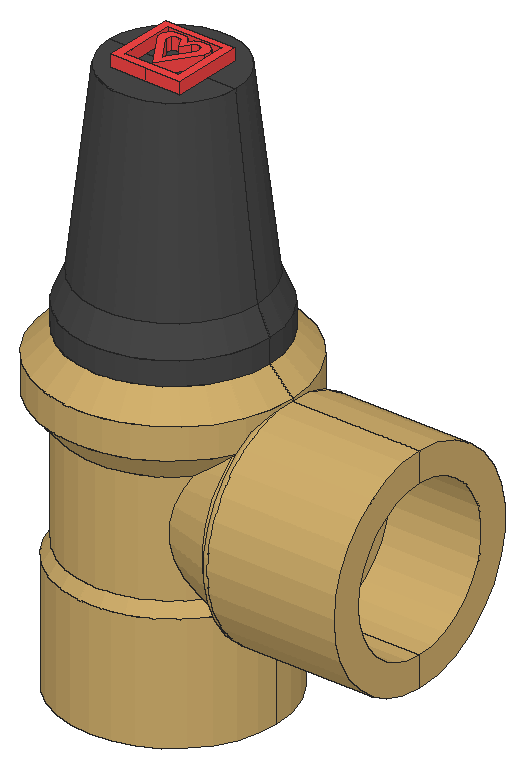
Revit family "Предохранительный клапан с диафрагмой 26xx", category Rohrzubehör, Revit 2021
Family settings
  Bemaßung runder Anschluss = Durchmesser verwenden
  Teiletyp = Normal
  OmniClass-Nummer = 23.65.55.14
  OmniClass-Titel = Valves for Liquid Services
  Arbeitsebenenbasiert = Nein
  Immer vertikal = Ja
  Beim Laden mit Abzugskörper schneiden = Nein
  Gemeinsam genutzt = Nein
Parameters (values of type "PN8")
  Номер заказа [instance] = if(PN1.8, size_lookup("26XX_PN1.8", "Artnr", 0, Nennweite), if(PN2.5, size_lookup("26XX_PN2.5", "Artnr", 0, Nennweite), if(PN3, size_lookup("26XX_PN3", "Artnr", 0, Nennweite), if(PN4, size_lookup("26XX_PN4", "Artnr", 0, Nennweite), if(PN5, size_lookup("26XX_PN5", "Artnr", 0, Nennweite), if(PN6, size_lookup("26XX_PN6", "Artnr", 0, Nennweite), if(PN8, size_lookup("26XX_PN8", "Artnr", 0, Nennweite), size_lookup("26XX_PN10", "Artnr", 0, Nennweite))))))))  # 1268501
  Мин. рабочая температура = 0 °C  # constant formula
  Макс. рабочая температура = 110 °C  # constant formula
  Внутренняя резьба = "в соответствии с ISO 228-1"  # constant formula
  WS01 = 70.00°  # constant formula
  Vorgabe-Ansicht = 0.0000 mm
  URL = "www.herz-armaturen.ru"
  Табличка = "пластик PA6"  # constant formula
  SCRNSEQ = "AWI;AWI_TYP=\"1015\";2"
  SCRNCODE = "05;21;02"  # constant formula
  S03 = 10.5000 mm  # constant formula
  S02 [instance] = H02 + H05  # 47.5000 mm
  S01 = 8.0000 mm  # constant formula
  R11 = 1.0000 mm  # constant formula
  R10 [instance] = (Nennweite Aus / 2) + 3.8000 mm  # 13.8000 mm
  R09 [instance] = Nennweite Aus / 2  # 10.0000 mm
  R08 [instance] = (Nennweite / 2) + 3.5000 mm  # 11.0000 mm
  R07 [instance] = R08 - 2.8000 mm  # 8.2000 mm
  R06 [instance] = Nennweite / 2  # 7.5000 mm
  R05 [instance] = Nennweite / 2  # 7.5000 mm
  R04 [instance] = if(PN1.8, size_lookup("26XX_PN1.8", "SW", 40.0000 mm, Nennweite), if(PN2.5, size_lookup("26XX_PN2.5", "SW", 40.0000 mm, Nennweite), if(PN3, size_lookup("26XX_PN3", "SW", 40.0000 mm, Nennweite), if(PN4, size_lookup("26XX_PN4", "SW", 40.0000 mm, Nennweite), if(PN5, size_lookup("26XX_PN5", "SW", 40.0000 mm, Nennweite), if(PN6, size_lookup("26XX_PN6", "SW", 40.0000 mm, Nennweite), if(PN8, size_lookup("26XX_PN8", "SW", 40.0000 mm, Nennweite), size_lookup("26XX_PN10", "SW", 269501.0000 mm, Nennweite))))))))  # 13.5000 mm
  R03 [instance] = (Nennweite / 2) + 5.0000 mm  # 12.5000 mm
  R02 [instance] = R04 + 2.0000 mm  # 15.5000 mm
  PN8 = yes
  PN6 = no
  PN5 = no
  PN4 = no
  PN3 = no
  PN2.5 = no
  PN10 = no
  PN1.8 = no
  Nennweite Aus [instance] = if(PN1.8, size_lookup("26XX_PN1.8", "DN1", 40.0000 mm, Nennweite), if(PN2.5, size_lookup("26XX_PN2.5", "DN1", 40.0000 mm, Nennweite), if(PN3, size_lookup("26XX_PN3", "DN1", 40.0000 mm, Nennweite), if(PN4, size_lookup("26XX_PN4", "DN1", 40.0000 mm, Nennweite), if(PN5, size_lookup("26XX_PN5", "DN1", 40.0000 mm, Nennweite), if(PN6, size_lookup("26XX_PN6", "DN1", 40.0000 mm, Nennweite), if(PN8, size_lookup("26XX_PN8", "DN1", 40.0000 mm, Nennweite), size_lookup("26XX_PN10", "DN1", 269501.0000 mm, Nennweite))))))))  # 20.0000 mm
  Nennweite [instance] = 15.0000 mm
  Диафрагма = "VMQ-Silicom 50 Sha"  # constant formula
  L02 [instance] = if(PN1.8, size_lookup("26XX_PN1.8", "L2", 17.5000 mm, Nennweite), if(PN2.5, size_lookup("26XX_PN2.5", "L2", 17.5000 mm, Nennweite), if(PN3, size_lookup("26XX_PN3", "L2", 17.5000 mm, Nennweite), if(PN4, size_lookup("26XX_PN4", "L2", 17.5000 mm, Nennweite), if(PN5, size_lookup("26XX_PN5", "L2", 17.5000 mm, Nennweite), if(PN6, size_lookup("26XX_PN6", "L2", 17.5000 mm, Nennweite), if(PN8, size_lookup("26XX_PN8", "L2", 17.5000 mm, Nennweite), size_lookup("26XX_PN10", "L2", 269501.0000 mm, Nennweite))))))))  # 17.5000 mm
  L01 [instance] = if(PN1.8, size_lookup("26XX_PN1.8", "L1", 12.0000 mm, Nennweite), if(PN2.5, size_lookup("26XX_PN2.5", "L1", 12.0000 mm, Nennweite), if(PN3, size_lookup("26XX_PN3", "L1", 12.0000 mm, Nennweite), if(PN4, size_lookup("26XX_PN4", "L1", 12.0000 mm, Nennweite), if(PN5, size_lookup("26XX_PN5", "L1", 12.0000 mm, Nennweite), if(PN6, size_lookup("26XX_PN6", "L1", 12.0000 mm, Nennweite), if(PN8, size_lookup("26XX_PN8", "L1", 12.0000 mm, Nennweite), size_lookup("26XX_PN10", "L1", 269501.0000 mm, Nennweite))))))))  # 12.0000 mm
  L00 [instance] = if(PN1.8, size_lookup("26XX_PN1.8", "L", 52.0000 mm, Nennweite), if(PN2.5, size_lookup("26XX_PN2.5", "L", 52.0000 mm, Nennweite), if(PN3, size_lookup("26XX_PN3", "L", 52.0000 mm, Nennweite), if(PN4, size_lookup("26XX_PN4", "L", 52.0000 mm, Nennweite), if(PN5, size_lookup("26XX_PN5", "L", 52.0000 mm, Nennweite), if(PN6, size_lookup("26XX_PN6", "L", 52.0000 mm, Nennweite), if(PN8, size_lookup("26XX_PN8", "L", 52.0000 mm, Nennweite), size_lookup("26XX_PN10", "L", 269501.0000 mm, Nennweite))))))))  # 32.0000 mm
  Маховик = "пластик PA6"  # constant formula
  Kappe [instance] = Kunststoff schwarz
  H08 [instance] = if(PN1.8, size_lookup("26XX_PN1.8", "H8", 21.0000 mm, Nennweite), if(PN2.5, size_lookup("26XX_PN2.5", "H8", 21.0000 mm, Nennweite), if(PN3, size_lookup("26XX_PN3", "H8", 21.0000 mm, Nennweite), if(PN4, size_lookup("26XX_PN4", "H8", 21.0000 mm, Nennweite), if(PN5, size_lookup("26XX_PN5", "H8", 21.0000 mm, Nennweite), if(PN6, size_lookup("26XX_PN6", "H8", 21.0000 mm, Nennweite), if(PN8, size_lookup("26XX_PN8", "H8", 21.0000 mm, Nennweite), size_lookup("26XX_PN10", "H8", 269501.0000 mm, Nennweite))))))))  # 6.5000 mm
  H07 [instance] = if(PN1.8, size_lookup("26XX_PN1.8", "H7", 3.0000 mm, Nennweite), if(PN2.5, size_lookup("26XX_PN2.5", "H7", 3.0000 mm, Nennweite), if(PN3, size_lookup("26XX_PN3", "H7", 3.0000 mm, Nennweite), if(PN4, size_lookup("26XX_PN4", "H7", 3.0000 mm, Nennweite), if(PN5, size_lookup("26XX_PN5", "H7", 3.0000 mm, Nennweite), if(PN6, size_lookup("26XX_PN6", "H7", 3.0000 mm, Nennweite), if(PN8, size_lookup("26XX_PN8", "H7", 3.0000 mm, Nennweite), size_lookup("26XX_PN10", "H7", 269501.0000 mm, Nennweite))))))))  # 3.0000 mm
  H06 [instance] = if(PN1.8, size_lookup("26XX_PN1.8", "H6", 15.0000 mm, Nennweite), if(PN2.5, size_lookup("26XX_PN2.5", "H6", 15.0000 mm, Nennweite), if(PN3, size_lookup("26XX_PN3", "H6", 15.0000 mm, Nennweite), if(PN4, size_lookup("26XX_PN4", "H6", 15.0000 mm, Nennweite), if(PN5, size_lookup("26XX_PN5", "H6", 15.0000 mm, Nennweite), if(PN6, size_lookup("26XX_PN6", "H6", 15.0000 mm, Nennweite), if(PN8, size_lookup("26XX_PN8", "H6", 15.0000 mm, Nennweite), size_lookup("26XX_PN10", "H6", 269501.0000 mm, Nennweite))))))))  # 15.0000 mm
  H05 [instance] = if(PN1.8, size_lookup("26XX_PN1.8", "H5", 30.0000 mm, Nennweite), if(PN2.5, size_lookup("26XX_PN2.5", "H5", 30.0000 mm, Nennweite), if(PN3, size_lookup("26XX_PN3", "H5", 30.0000 mm, Nennweite), if(PN4, size_lookup("26XX_PN4", "H5", 30.0000 mm, Nennweite), if(PN5, size_lookup("26XX_PN5", "H5", 30.0000 mm, Nennweite), if(PN6, size_lookup("26XX_PN6", "H5", 30.0000 mm, Nennweite), if(PN8, size_lookup("26XX_PN8", "H5", 30.0000 mm, Nennweite), size_lookup("26XX_PN10", "H5", 269501.0000 mm, Nennweite))))))))  # 30.5000 mm
  H04 [instance] = if(PN1.8, size_lookup("26XX_PN1.8", "H4", 12.0000 mm, Nennweite), if(PN2.5, size_lookup("26XX_PN2.5", "H4", 12.0000 mm, Nennweite), if(PN3, size_lookup("26XX_PN3", "H4", 12.0000 mm, Nennweite), if(PN4, size_lookup("26XX_PN4", "H4", 12.0000 mm, Nennweite), if(PN5, size_lookup("26XX_PN5", "H4", 12.0000 mm, Nennweite), if(PN6, size_lookup("26XX_PN6", "H4", 12.0000 mm, Nennweite), if(PN8, size_lookup("26XX_PN8", "H4", 12.0000 mm, Nennweite), size_lookup("26XX_PN10", "H4", 269501.0000 mm, Nennweite))))))))  # 12.0000 mm
  H00 [instance] = if(PN1.8, size_lookup("26XX_PN1.8", "H", 72.0000 mm, Nennweite), if(PN2.5, size_lookup("26XX_PN2.5", "H", 72.0000 mm, Nennweite), if(PN3, size_lookup("26XX_PN3", "H", 72.0000 mm, Nennweite), if(PN4, size_lookup("26XX_PN4", "H", 72.0000 mm, Nennweite), if(PN5, size_lookup("26XX_PN5", "H", 72.0000 mm, Nennweite), if(PN6, size_lookup("26XX_PN6", "H", 72.0000 mm, Nennweite), if(PN8, size_lookup("26XX_PN8", "H", 72.0000 mm, Nennweite), size_lookup("26XX_PN10", "H", 269501.0000 mm, Nennweite))))))))  # 72.0000 mm
  H03 [instance] = if(PN1.8, size_lookup("26XX_PN1.8", "H3", 4.0000 mm, Nennweite), if(PN2.5, size_lookup("26XX_PN2.5", "H3", 4.0000 mm, Nennweite), if(PN3, size_lookup("26XX_PN3", "H3", 4.0000 mm, Nennweite), if(PN4, size_lookup("26XX_PN4", "H3", 4.0000 mm, Nennweite), if(PN5, size_lookup("26XX_PN5", "H3", 4.0000 mm, Nennweite), if(PN6, size_lookup("26XX_PN6", "H3", 4.0000 mm, Nennweite), if(PN8, size_lookup("26XX_PN8", "H3", 4.0000 mm, Nennweite), size_lookup("26XX_PN10", "H3", 269501.0000 mm, Nennweite))))))))  # 4.0000 mm
  H02 [instance] = H00 - (H01 + H05)  # 17.0000 mm
  H01 [instance] = if(PN1.8, size_lookup("26XX_PN1.8", "H1", 30.0000 mm, Nennweite), if(PN2.5, size_lookup("26XX_PN2.5", "H1", 30.0000 mm, Nennweite), if(PN3, size_lookup("26XX_PN3", "H1", 30.0000 mm, Nennweite), if(PN4, size_lookup("26XX_PN4", "H1", 30.0000 mm, Nennweite), if(PN5, size_lookup("26XX_PN5", "H1", 30.0000 mm, Nennweite), if(PN6, size_lookup("26XX_PN6", "H1", 30.0000 mm, Nennweite), if(PN8, size_lookup("26XX_PN8", "H1", 30.0000 mm, Nennweite), size_lookup("26XX_PN10", "H1", 269501.0000 mm, Nennweite))))))))  # 24.5000 mm
  Hersteller = "Herz-Armaturen GmbH"  # constant formula
  Gewicht [instance] = if(PN1.8, size_lookup("26XX_PN1.8", "Gewicht", 0.19, Nennweite), if(PN2.5, size_lookup("26XX_PN2.5", "Gewicht", 0.19, Nennweite), if(PN3, size_lookup("26XX_PN3", "Gewicht", 0.19, Nennweite), if(PN4, size_lookup("26XX_PN4", "Gewicht", 0.19, Nennweite), if(PN5, size_lookup("26XX_PN5", "Gewicht", 0.19, Nennweite), if(PN6, size_lookup("26XX_PN6", "Gewicht", 0.19, Nennweite), if(PN8, size_lookup("26XX_PN8", "Gewicht", 0.19, Nennweite), size_lookup("26XX_PN10", "Gewicht", 269501, Nennweite))))))))  # 0.118
  Корпус = "штампованная латунь в соответствии с EN 12165, CW617N"  # constant formula
  Пружина = "пружинная сталь W.Nr. 1.4310"  # constant formula
  DN32 [instance] = Nennweite = 32.0000 mm  # no
  DN25 [instance] = Nennweite = 25.0000 mm  # no
  DN20 [instance] = Nennweite = 20.0000 mm  # no
  DN15 [instance] = Nennweite = 15.0000 mm  # yes
  Область применения = "ГЕРЦ Предохранительный клапан с диафрагмой используется в качестве защитного элемента для котлов в закрытых системах отопления. Он защищает котел от повышенного давления. Открывающее давление равно номинальному давлению."
Types (9, lengths in mm): name | Номер заказа | S02 | R10 | R09 | R08 | R07 | R06 | R05 | R04 | R03 | R02 | PN8 | PN6 | PN5 | PN4 | PN3 | PN2.5 | PN10 | PN1.8 | Nennweite Aus | Nennweite | L00 | H08 | H05 | H00 | H02 | H01 | Gewicht | DN32 | DN25 | DN20 | DN15
  (no name) | 1268501 | 47.5000 | 13.8000 | 10.0000 | 11.0000 | 8.2000 | 7.5000 | 7.5000 | 13.5000 | 12.5000 | 15.5000 | yes | no | no | no | no | no | no | no | 20.0000 | 15.0000 | 32.0000 | 6.5000 | 30.5000 | 72.0000 | 17.0000 | 24.5000 | 0.118 | no | no | no | yes
  PN1.8 | 1261802 | 44.7500 | 16.3000 | 12.5000 | 13.5000 | 10.7000 | 10.0000 | 10.0000 | 16.0000 | 15.0000 | 18.0000 | no | no | no | no | no | no | no | yes | 25.0000 | 20.0000 | 35.0000 | 9.7500 | 25.0000 | 72.0000 | 19.7500 | 27.2500 | 0.19 | no | no | yes | no
  PN2.5 | 1261101 | 47.5000 | 13.8000 | 10.0000 | 11.0000 | 8.2000 | 7.5000 | 7.5000 | 13.5000 | 12.5000 | 15.5000 | no | no | no | no | no | yes | no | no | 20.0000 | 15.0000 | 32.0000 | 6.5000 | 30.5000 | 72.0000 | 17.0000 | 24.5000 | 0.118 | no | no | no | yes
  PN3 | 1261004 | 64.2500 | 23.8000 | 20.0000 | 19.5000 | 16.7000 | 16.0000 | 16.0000 | 25.0000 | 21.0000 | 27.0000 | no | no | no | no | yes | no | no | no | 40.0000 | 32.0000 | 52.0000 | 21.5000 | 32.7500 | 97.0000 | 31.5000 | 32.7500 | 0.728 | yes | no | no | no
  PN4 | 1261501 | 47.5000 | 13.8000 | 10.0000 | 11.0000 | 8.2000 | 7.5000 | 7.5000 | 13.5000 | 12.5000 | 15.5000 | no | no | no | yes | no | no | no | no | 20.0000 | 15.0000 | 32.0000 | 6.5000 | 30.5000 | 72.0000 | 17.0000 | 24.5000 | 0.118 | no | no | no | yes
  PN5 | 1265703 | 67.0000 | 19.8000 | 16.0000 | 16.0000 | 13.2000 | 12.5000 | 12.5000 | 20.5000 | 17.5000 | 22.5000 | no | no | yes | no | no | no | no | no | 32.0000 | 25.0000 | 50.0000 | 13.0000 | 44.0000 | 97.0000 | 23.0000 | 30.0000 | 0.54 | no | yes | no | no
  PN6 | 1261301 | 47.5000 | 13.8000 | 10.0000 | 11.0000 | 8.2000 | 7.5000 | 7.5000 | 13.5000 | 12.5000 | 15.5000 | no | yes | no | no | no | no | no | no | 20.0000 | 15.0000 | 32.0000 | 6.5000 | 30.5000 | 72.0000 | 17.0000 | 24.5000 | 0.118 | no | no | no | yes
  PN8 | 1268501 | 47.5000 | 13.8000 | 10.0000 | 11.0000 | 8.2000 | 7.5000 | 7.5000 | 13.5000 | 12.5000 | 15.5000 | yes | no | no | no | no | no | no | no | 20.0000 | 15.0000 | 32.0000 | 6.5000 | 30.5000 | 72.0000 | 17.0000 | 24.5000 | 0.118 | no | no | no | yes
  PN10 | 1269501 | 47.5000 | 13.8000 | 10.0000 | 11.0000 | 8.2000 | 7.5000 | 7.5000 | 13.5000 | 12.5000 | 15.5000 | no | no | no | no | no | no | yes | no | 20.0000 | 15.0000 | 32.0000 | 6.5000 | 30.5000 | 72.0000 | 17.0000 | 24.5000 | 0.118 | no | no | no | yes
Reference planes
  plane 1 "Mitte (Vorne/hinten)": y = 0
  plane 2: z = 0
  plane 3 "Mitte (Links/rechts)": x = 0
Forms (mm)
  Revolve 1, solid, material "Kunststoff schwarz" <- "Kappe", detail levels fine
    sketch origin (0, 0, 0) x (1, 0, 0) y (0, 0, 1)
      loop
        line (0, 47.5) -> (-8.2, 47.5) -> (-11, 23.493) -> (-12.5, 20) -> (-12.5, 17) -> (0, 17) -> (0, 47.5)
      axis (0, 47.5) -> (0, 17)
    angle from 0 to 360
  Revolve 2, solid, material "Messing", detail levels fine
    sketch origin (0, 0, 0) x (1, 0, 0) y (0, 0, 1)
      loop
        line (-15.5, 14) -> (-15.5, 10) -> (-12.5, 6.5) -> (-12.5, -7.886) -> (-13.5, -9.5) -> (-13.5, -24.5) -> (-7.5, -24.5) -> (-7.5, -12.5) -> (0, -12.5) -> (0, 17) -> (-12.5, 17) -> (-15.5, 14)
      axis (0, 17) -> (0, -24.5)
    angle from 0 to 360
  Revolve 3, solid, material "Messing", detail levels fine
    sketch origin (18.5, 0, 0) x (1, 0, 0) y (0, 0, 1)
      loop
        line (13.5, 10) -> (13.5, 13.8) -> (-3.06, 13.8)
        arc (-3.06, 13.8) -> (-3.634, 13.619) -> (-4, 13.142) r 1
        arc (-4, 13.142) -> (-4.293, 12.435) -> (-5, 12.142) r 1
        line (-5, 12.142) -> (-18.5, 7.5) -> (-18.5, 0) -> (1.5, 0) -> (1.5, 10) -> (13.5, 10)
      axis (-18.5, 0) -> (13.5, 0)
    angle from 0 to 360
Lines and regions (mm)
  model lines, detail levels coarse+medium
    curve 1: line (0.003, 0, -0.007) -> (0.003, 0, 47.5)
    curve 2: line (0.003, 0, -0.007) -> (-13.5, 0, -24.5)
    curve 3: line (-13.5, 0, -24.5) -> (13.5, 0, -24.5)
    curve 4: line (13.5, 0, -24.5) -> (0.003, 0, -0.007)
    curve 5: line (0.003, 0, -0.007) -> (32, 0, -13.8)
    curve 6: line (32, 0, -13.8) -> (32, 0, 13.8)
    curve 7: line (32, 0, 13.8) -> (0.003, 0, -0.007)
    curve 8: line (-10.5, 0, 48.643) -> (10.5, 0, 41)
    curve 9: line (-10.5, 0, 40.643) -> (10.5, 0, 33)
    curve 10: line (-10.5, 0, 32.643) -> (10.5, 0, 25)
    curve 11: line (-10.5, 0, 24.643) -> (10.5, 0, 17)
    curve 12: line (0, 0, 0) -> (32, 13.8, 0)
    curve 13: line (32, 13.8, 0) -> (32, -13.8, 0)
    curve 14: line (32, -13.8, 0) -> (0, 0, 0)
    curve 15: line (0, 0, 0) -> (-13.5, -24.5, 0)
    curve 16: line (-13.5, -24.5, 0) -> (13.5, -24.5, 0)
    curve 17: line (13.5, -24.5, 0) -> (0, 0, 0)
    curve 18: line (0, 0, 0) -> (0, 47.5, 0)
    curve 19: line (-10.5, 48.643, 0) -> (10.5, 41, 0)
    curve 20: line (-10.5, 40.643, 0) -> (10.5, 33, 0)
    curve 21: line (-10.5, 32.643, 0) -> (10.5, 25, 0)
    curve 22: line (-10.5, 24.643, 0) -> (10.5, 17, 0)
Dimensions and locks
  "R03": Revolve 2 sketch curve to Revolve 2 sketch curve  (x2)
  "R02": Revolve 2 sketch curve to Revolve 2 sketch curve
  "R04": Revolve 2 sketch curve to Revolve 2 sketch curve
  "R05": Revolve 2 sketch curve to Revolve 2 sketch curve
  "H01": level to Revolve 2 sketch curve
  "H02": Revolve 2 sketch curve to level
  "R03": Revolve 1 sketch curve to Revolve 1 sketch curve
  "R07": Revolve 1 sketch curve to Revolve 1 sketch curve
  "R08": Revolve 1 sketch curve to Revolve 1 sketch curve
  "R06": Revolve 3 sketch curve to Revolve 3 sketch curve
  "R09": Revolve 3 sketch curve to Revolve 3 sketch curve
  "R10": Revolve 3 sketch curve to Revolve 3 sketch curve
  "L00": Revolve 3 sketch curve to Revolve 3 sketch curve
  "H05": Revolve 1 sketch curve to Revolve 1 sketch curve
  "L01": Revolve 3 sketch curve to Revolve 3 sketch curve
  "H04": Revolve 2 sketch curve to Revolve 2 sketch curve
  "L02": Revolve 3 sketch curve to Revolve 3 sketch curve
  "H06": Revolve 2 sketch curve to Revolve 2 sketch curve
  "H02": Revolve 1 sketch curve to plane 2
  "H00": Revolve 1 to Revolve 2
  "H07": Revolve 2 sketch curve to Revolve 2 sketch curve
  "H07": Revolve 1 sketch curve to Revolve 1 sketch curve
  "H08": Revolve 2 sketch curve to plane 2
  "S02": curve 1 to plane 2
  "H01": plane 2 to curve 3
  "R04": curve 4 to plane 3 "Mitte (Links/rechts)" to curve 3
  "L00": curve 6 to plane 3 "Mitte (Links/rechts)"
  "R10": curve 7 to plane 2 to curve 6
  "S03": curve 8 to plane 3 "Mitte (Links/rechts)" to curve 8
  "S01": curve 8 to curve 9
  "S01": curve 9 to curve 10
  "S01": curve 10 to curve 11
  "H02": curve 11 to plane 2
  "L00": plane 3 "Mitte (Links/rechts)" to curve 13
  "R10": curve 14 to plane 1 "Mitte (Vorne/hinten)" to curve 13
  "H01": curve 16 to plane 1 "Mitte (Vorne/hinten)"
  "R04": curve 16 to plane 3 "Mitte (Links/rechts)" to curve 17
  "S02": plane 1 "Mitte (Vorne/hinten)" to curve 18
  "S03": curve 19 to plane 3 "Mitte (Links/rechts)" to curve 19
  "S01": curve 19 to curve 20
  "S01": curve 20 to curve 21
  "S01": curve 21 to curve 22
  "H02": plane 1 "Mitte (Vorne/hinten)" to curve 22
  "S02": nested 1 to plane 2
  "R11": radius of Revolve 3 sketch curve  (x2)
  "WS01": angle plane 3 "Mitte (Links/rechts)" to curve 8
  "WS01": angle plane 3 "Mitte (Links/rechts)" to curve 9
  "WS01": angle plane 3 "Mitte (Links/rechts)" to curve 10
  "WS01": angle plane 3 "Mitte (Links/rechts)" to curve 11
  "WS01": angle plane 3 "Mitte (Links/rechts)" to curve 19
  "WS01": angle plane 3 "Mitte (Links/rechts)" to curve 20
  "WS01": angle plane 3 "Mitte (Links/rechts)" to curve 21
  "WS01": angle plane 3 "Mitte (Links/rechts)" to curve 22
  aligned and locked: level to plane 2
Automatic sketch dimensions
  plane 3 "Mitte (Links/rechts)" to curve 4 = 0.0034 mm
  curve 4 to level = 0.0072 mm
  curve 11 to plane 3 "Mitte (Links/rechts)" = 10.5000 mm
  curve 10 to curve 11 = 0.0000 mm
  curve 9 to curve 10 = 0.0000 mm
  plane 1 "Mitte (Vorne/hinten)" to curve 14 = 0.0000 mm
  curve 14 to plane 3 "Mitte (Links/rechts)" = 0.0000 mm
  curve 20 to curve 19 = 0.0000 mm
  curve 21 to curve 20 = 0.0000 mm
  curve 22 to curve 21 = 0.0000 mm
  Revolve 1 sketch curve to plane 3 "Mitte (Links/rechts)" = 0.0000 mm  (x2)
  Revolve 1 sketch curve to Revolve 1 sketch curve = 3.4935 mm
  Revolve 1 sketch curve to level = 366.0447 mm
  Revolve 1 sketch curve to Revolve 1 sketch curve = 0.0000 mm
  Revolve 2 sketch curve to plane 3 "Mitte (Links/rechts)" = 0.0000 mm  (x2)
  Revolve 2 sketch curve to Revolve 2 sketch curve = 1.6143 mm
  Revolve 2 sketch curve to Revolve 2 sketch curve = 4.0000 mm
  Revolve 2 sketch curve to Revolve 2 sketch curve = 336.0447 mm
  Revolve 2 sketch curve to Revolve 2 sketch curve = 2186.6924 mm
  Revolve 3 sketch curve to level = 0.0000 mm  (x2)
  Revolve 3 sketch curve to plane 3 "Mitte (Links/rechts)" = 0.0000 mm
  Revolve 3 sketch curve to Revolve 3 sketch curve = 0.9397 mm
  Revolve 3 sketch curve to Revolve 3 sketch curve = 1333.4903 mm
  Revolve 3 sketch curve to Revolve 3 sketch curve = 1867.4827 mm
Nested families
  nested 1: "Herz-Logo" at (0, 0, 47.5), type "Herz-Logo"
Connectors
  piping at (20, 0, 0), diameter 20, driven by "Nennweite Aus"
    settings: on Revolve 3, index 1, connector inside diameter 609.6 mm, connector length 0.0000 mm, flow factor 0, pipe flow 0.0 L/s, pressure drop 0.0 Pa, fitting loss kfactor 0, connector angle 0.00°, fixture units 0, engagement length 0.0000 mm, angle of deflection 0.00°, flow configuration 0, flow direction 2, fitting loss method 0, system type 29, joint type 0, gender type 0, connector reference index -1, connector utility 0, adjustable connector no, is connector primary yes, connector description ""
  piping at (0, 0, -12.5), diameter 15, driven by "Nennweite"
    settings: on Revolve 2, index 2, connector inside diameter 609.6 mm, connector length 0.0000 mm, flow factor 0, pipe flow 0.0 L/s, pressure drop 0.0 Pa, fitting loss kfactor 0, connector angle 0.00°, fixture units 0, engagement length 0.0000 mm, angle of deflection 0.00°, flow configuration 0, flow direction 1, fitting loss method 0, system type 29, joint type 0, gender type 0, connector reference index -1, connector utility 0, adjustable connector no, is connector primary no, connector description ""
Definition of nested family "Herz-Logo"
  Parameters (values of type "Herz-Logo")
    Default Elevation = 0.0000 mm
  Reference planes
    plane 1 "Mitte (Vorne/hinten)": y = 0
    plane 2: z = 0
    plane 3 "Mitte (Links/rechts)": x = 0
  Forms (mm)
    Extrusion 1, solid
      sketch origin (0, 0, 0) x (1, 0, 0) y (0, 1, 0)
        loop
          line (-0.018, -4.517) -> (4.482, -4.517) -> (4.482, 4.483) -> (-4.518, 4.483) -> (-4.518, -4.517) -> (-0.018, -4.517)
        loop
          line (-0.05, -3.48) -> (3.482, -3.48) -> (3.482, 3.483) -> (-3.518, 3.483) -> (-3.518, -3.48) -> (-0.05, -3.48)
        loop
          arc (-0.018, 2.383) -> (-1.543, 3.287) -> (-3.067, 2.383) r 1.738
          arc (-3.067, 2.383) -> (-3.191, 1.899) -> (-3.067, 1.415) r 1.009
          line (-3.067, 1.415) -> (-0.018, -3.281) -> (3.032, 1.415)
          arc (3.032, 1.415) -> (3.156, 1.899) -> (3.032, 2.383) r 1.009
          arc (3.032, 2.383) -> (1.507, 3.287) -> (-0.018, 2.383) r 1.738
        loop
          arc (1.885, 1.272) -> (2.005, 1.675) -> (1.885, 2.079) r 0.74
          arc (1.885, 2.079) -> (1.265, 2.416) -> (0.644, 2.079) r 0.74
          line (0.644, 2.079) -> (-0.018, 0.97) -> (-0.679, 2.079)
          arc (-0.679, 2.079) -> (-1.3, 2.416) -> (-1.921, 2.079) r 0.74
          arc (-1.921, 2.079) -> (-2.04, 1.675) -> (-1.921, 1.272) r 0.74
          line (-1.921, 1.272) -> (-0.018, -1.658) -> (1.885, 1.272)
      from 0 to 1.5
  Dimensions and locks
    aligned and locked: level to plane 2
